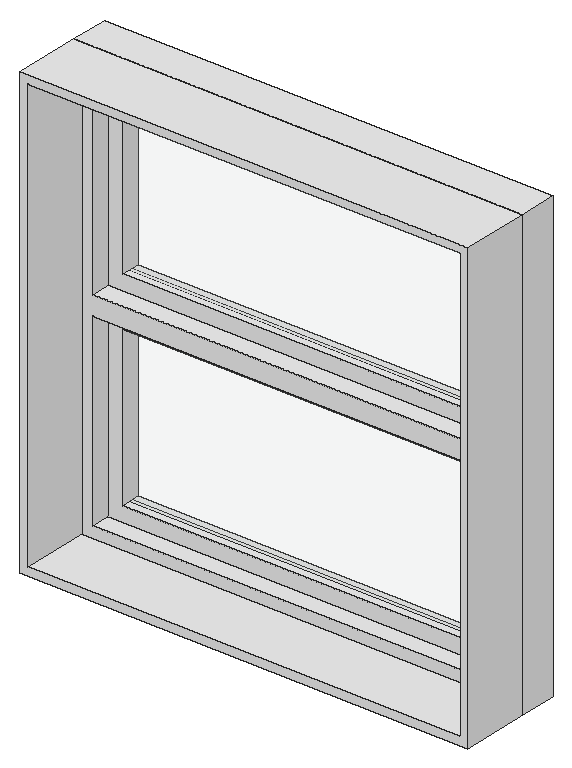
Revit family "1x2", category Windows, host Wall, Revit 2015
Parameters (values of type "12x12M")
  WindowBasalOpening = ""
  Wall Thickness [instance] = 300 mm
  URL = ""
  Total Glass Area = (Rough Height - Frame Width * 2) * (Rough Width - Frame Width * 2)  # 1.1881 m²
  Offset [instance] = 20 mm
  Module Width = Rough Width / 100 mm  # 12
  Module Height = Rough Height / 100 mm  # 12
  Material Jamb = none
  Jamb Width = 20 mm
  Jamb [instance] = yes
  Height Bottom = 600 mm
  Gap [instance] = 10 mm
  Rough Width = 1190 mm
  Rough Height = 1190 mm
  Model = ""
  Material Glass = none
  Material Frame = none
  Frame Width = 50 mm
  Height [instance] = Rough Height + Gap * 2  # 1210 mm
  Frame Depth = 100 mm
  Field 2 [instance] = Opening : Opening
  Field 1 [instance] = Opening : Opening
  Default Sill Height = 900 mm
  Wall Closure = By host
  Width [instance] = Rough Width + Gap * 2  # 1210 mm
  Assembly Code = ""
  Analytic Construction = "<None>"
Reference planes
  plane 1 "Center (Front/Back)": y = -20
  plane 2 "Center (Left/Right)": x = -42.398
  plane 3 "Left": x = -647.398
  plane 4 "Right": x = 562.602
  plane 5 "Sill": z = 900
  plane 6 "Head": z = 2110
  plane 7 "Exterior": y = 130
  plane 8 "Interior": y = -170
  plane 9: x = -637.398
  plane 10: x = 552.602
  plane 11: z = 910
  plane 12: z = 2100
  plane 13 "Offset": y = 110
  plane 14 "Offset Jamb": y = 10
  plane 15: x = 502.602
  plane 16: x = -587.398
  plane 17: z = 2050
  plane 18: z = 960
  plane 19: x = -647.398
  plane 20: x = 562.602
  plane 21: z = 900
  plane 22: z = 2110
  plane 23: z = 1510
  plane 24: z = 1460
Forms (mm)
  Extrusion 1, solid, material <- "Material Frame"
    sketch origin (0, 110, 0) x (-1, 0, 0) y (0, 0, 1)
      loop
        line (-552.602, 2100) -> (-552.602, 910) -> (637.398, 910) -> (637.398, 2100) -> (-552.602, 2100)
      loop
        line (-502.602, 960) -> (587.398, 960) -> (587.398, 1460) -> (-502.602, 1460) -> (-502.602, 960)
      loop
        line (-502.602, 2050) -> (-502.602, 1510) -> (587.398, 1510) -> (587.398, 2050) -> (-502.602, 2050)
    from 0 to -100
  Extrusion 2, solid, material <- "Material Jamb", visible <- "Jamb", detail levels medium+fine
    sketch origin (0, 10, 0) x (-1, 0, 0) y (0, 0, 1)
      loop
        line (-552.602, 2100) -> (-552.602, 910) -> (637.398, 910) -> (637.398, 2100) -> (-552.602, 2100)
      loop
        line (617.398, 2080) -> (-532.602, 2080) -> (-532.602, 930) -> (617.398, 930) -> (617.398, 2080)
    from 0 to -180
Lines and regions (mm)
  Opening 1
    outline origin (3500, -170, 0) x (1, 0, 0) y (0, 0, 1)
      loop
        line (-2937.398, 900) -> (-2937.398, 2110) -> (-4147.398, 2110) -> (-4147.398, 900) -> (-2937.398, 900)
Text (mm)
  text "EXTERIOR" at (-1981.535, 863.181, 0), in view "Ref. Level"
  text "INTERIOR" at (-2017.992, -707.606, 0), in view "Ref. Level"
  text "Exterior" at (0, 923.751, 2943.296), in view "Right"
  text "Exterior" at (0, 1019.841, 2788.626), in view "Left"
Dimensions and locks
  equal spacing: plane 3 "Left", plane 2 "Center (Left/Right)", plane 4 "Right"
  "Rough Width": plane 9 to plane 10
  "Rough Height": plane 11 to plane 12
  "Default Sill Height": plane 21 to level
  locked: plane 7 "Exterior" to host wall
  locked: plane 8 "Interior" to host wall
  "Gap": plane 12 to plane 6 "Head"
  "Gap": plane 5 "Sill" to plane 11
  "Gap": plane 10 to plane 4 "Right"
  "Gap": plane 9 to plane 3 "Left"
  "Offset": plane 13 "Offset" to plane 7 "Exterior"
  "Frame Depth": plane 13 "Offset" to plane 14 "Offset Jamb"
  equal spacing: plane 8 "Interior", plane 1 "Center (Front/Back)", plane 7 "Exterior"
  "Frame Width": plane 17 to plane 12
  "Frame Width": plane 16 to plane 9
  "Frame Width": plane 11 to plane 18
  "Frame Width": plane 10 to plane 15
  "Jamb Width": Extrusion 2 sketch curve to Extrusion 2 sketch curve  (x4)
  "Wall Thickness": host wall to host wall
  "Height Bottom": plane 11 to plane 23
  "Frame Width": plane 24 to plane 23
  aligned and locked: plane 10 to Extrusion 1
  aligned and locked: Extrusion 1 to plane 9
  aligned and locked: plane 12 to Extrusion 1
  aligned and locked: Extrusion 1 to plane 11
  aligned and locked: Extrusion 1 to plane 14 "Offset Jamb"
  aligned and locked: plane 8 "Interior" to Extrusion 2
  aligned and locked: Extrusion 1 sketch curve to plane 15  (x2)
  aligned and locked: Extrusion 1 sketch curve to plane 17
  aligned and locked: Extrusion 1 sketch curve to plane 16  (x2)
  aligned and locked: Extrusion 2 sketch curve to plane 9
  aligned and locked: Extrusion 2 sketch curve to plane 12
  aligned and locked: Extrusion 2 sketch curve to plane 10
  aligned and locked: Extrusion 2 sketch curve to plane 11
  aligned and locked: plane 19 to plane 3 "Left"
  aligned and locked: plane 20 to plane 4 "Right"
  aligned and locked: plane 21 to plane 5 "Sill"
  aligned and locked: plane 22 to plane 6 "Head"
  aligned and locked: Extrusion 1 sketch curve to plane 18
  aligned and locked: plane 16 to nested 1
  aligned and locked: nested 2 to plane 15
  aligned and locked: nested 1 to plane 17
  aligned and locked: plane 18 to nested 2
  aligned and locked: Extrusion 1 sketch curve to plane 24
  aligned and locked: Extrusion 1 sketch curve to plane 23
  aligned and locked: nested 1 to plane 23
  aligned and locked: nested 1 to plane 15
  aligned and locked: nested 2 to plane 24
  aligned and locked: plane 16 to nested 2
Automatic sketch dimensions
  Opening 1 sketch curve to plane 3 "Left" = 0 mm
  Opening 1 sketch curve to plane 4 "Right" = 0 mm
  Opening 1 sketch curve to plane 5 "Sill" = 0 mm
  Opening 1 sketch curve to plane 6 "Head" = 0 mm
  Extrusion 1 sketch curve to plane 10 = 0 mm
  Extrusion 1 sketch curve to plane 9 = 0 mm
  Extrusion 1 sketch curve to plane 11 = 0 mm
  Extrusion 1 sketch curve to plane 12 = 0 mm
Nested families
  nested 1: "Opening" at (-42.398, -20, 710), type <- "Field 2", Offset <- "Offset", Material Glass <- "Material Glass", Material Frame <- "Material Frame", type "Opening"
    with Width 1090 mm, Offset 20 mm, Material Glass none, Material Frame none, Height 540 mm
  nested 2: "Opening" at (-42.398, -20, 160), type <- "Field 1", Offset <- "Offset", Material Glass <- "Material Glass", Material Frame <- "Material Frame", type "Opening"
    with Width 1090 mm, Offset 20 mm, Material Glass none, Material Frame none, Height 500 mm
Definition of nested family "Opening"
  Parameters
    Offset [instance] = 20 mm
    Material Glass [instance] = none
    Material Frame [instance] = none
    Height [instance] = 1500 mm
    Default Sill Height = 800 mm
    Wall Closure = (empty or 0)
    Width [instance] = 1000 mm
  Reference planes
    plane 1 "Center (Front/Back)": y = 0
    plane 2 "Center (Left/Right)": x = 0
    plane 3 "Left": x = -500
    plane 4 "Right": x = 500
    plane 5 "Sill": z = 800
    plane 6 "Head": z = 2300
    plane 7 "Exterior": y = 100
    plane 8 "Interior": y = -100
    plane 9 "Offset": y = 80
    plane 10: z = 1550
  Forms (mm)
    Extrusion 1, solid, material <- "Material Frame"
      sketch origin (0, 80, 0) x (-1, 0, 0) y (0, 0, 1)
        loop
          line (-500, 2300) -> (-500, 800) -> (500, 800) -> (500, 2300) -> (-500, 2300)
        loop
          line (-460, 2260) -> (-460, 840) -> (460, 840) -> (460, 2260) -> (-460, 2260)
      from 0 to -50
    Extrusion 2, solid, material <- "Material Glass"
      sketch origin (0, 80, 0) x (-1, 0, 0) y (0, 0, 1)
        loop
          line (-460, 2260) -> (-460, 840) -> (460, 840) -> (460, 2260) -> (-460, 2260)
      from -20 to -30
  Lines and regions (mm)
    symbolic lines
      curve 1: line (500, 100, 2300) -> (-500, 100, 1550)
      curve 2: line (-500, 100, 1550) -> (500, 100, 800)
    symbolic lines, detail levels fine
      curve 3: line (-460, 50, 0) -> (460, 50, 0)
      curve 4: line (460, 60, 0) -> (-460, 60, 0)
      curve 6: line (500, 50, 840) -> (500, 50, 2260)
      curve 7: line (500, 60, 2260) -> (500, 60, 840)
    symbolic lines, detail levels coarse+medium
      curve 5: line (-460, 55, 0) -> (460, 55, 0)
      curve 8: line (500, 55, 2260) -> (500, 55, 840)
  Text (mm)
    text "EXTERIOR" at (-1963.203, 1332.353, 0), in view "Ref. Level"
    text "INTERIOR" at (-1981.466, -818.386, 0), in view "Ref. Level"
    text "Exterior" at (0, 923.751, 2943.296), in view "Right"
    text "Exterior" at (0, 1040.484, 2685.409), in view "Left"
  Dimensions and locks
    equal spacing: plane 3 "Left", plane 2 "Center (Left/Right)", plane 4 "Right"
    "Width": plane 3 "Left" to plane 4 "Right"
    "Height": plane 5 "Sill" to plane 6 "Head"
    "Default Sill Height": plane 5 "Sill" to level
    locked: plane 7 "Exterior" to host wall at 0
    locked: plane 8 "Interior" to host wall
    "Offset": plane 9 "Offset" to plane 7 "Exterior"
    equal spacing: plane 5 "Sill", plane 10, plane 6 "Head"
    equal spacing: Extrusion 2, curve 5, Extrusion 2
    equal spacing: Extrusion 2, curve 8, Extrusion 2
    aligned and locked: Extrusion 2 sketch curve to Extrusion 1  (x4)
    aligned and locked: curve 3 to Extrusion 2
    aligned and locked: curve 4 to Extrusion 2
    aligned and locked: curve 6 to Extrusion 2
    aligned and locked: curve 7 to Extrusion 2
  Automatic sketch dimensions
    plane 4 "Right" to Extrusion 1 sketch curve = 0 mm
    plane 3 "Left" to Extrusion 1 sketch curve = 0 mm
    Extrusion 1 sketch curve to plane 5 "Sill" = 0 mm
    Extrusion 1 sketch curve to plane 6 "Head" = 0 mm
    plane 4 "Right" to Extrusion 1 sketch curve = 40 mm
    Extrusion 1 sketch curve to plane 3 "Left" = 40 mm
    Extrusion 1 sketch curve to plane 5 "Sill" = 40 mm
    plane 6 "Head" to Extrusion 1 sketch curve = 40 mm
    plane 3 "Left" to curve 2 = 0 mm
    plane 4 "Right" to curve 2 = 0 mm
    plane 4 "Right" to curve 1 = 0 mm
    curve 2 to plane 5 "Sill" = 0 mm
    curve 2 to plane 10 = 0 mm
    curve 1 to plane 6 "Head" = 0 mm
    curve 5 to plane 3 "Left" = 40 mm
    curve 4 to curve 5 = 0 mm
    curve 3 to curve 5 = 0 mm  (x2)
    plane 4 "Right" to curve 4 = 40 mm
    curve 5 to curve 4 = 0 mm
    curve 8 to plane 5 "Sill" = 40 mm
    curve 7 to curve 8 = 0 mm  (x2)
    curve 8 to curve 6 = 0 mm  (x2)
    plane 6 "Head" to curve 8 = 40 mm
